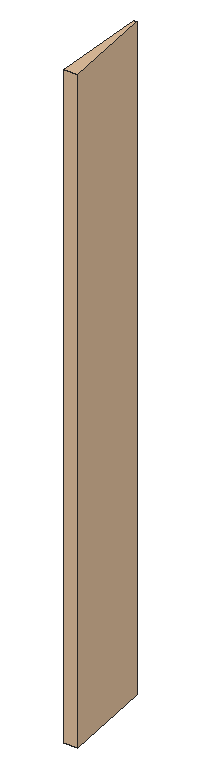
Revit family "Fence - FeatherEdge Board", category 난간동자, Revit 2026
Family settings
  항상 수직 = 예
  로드될 때 보이드를 사용하여 절단 = 아니오
  공유 = 아니오
Parameters (values of type "150mm Wide")
  built-in parameter 1008623 [instance] = (empty or 0)
  built-in parameter 1008625 [instance] = (empty or 0)
  Width = 150 mm
  Material = Wood - Cherry
  Post = yes
  Manufacturer = ""
  Description = ""
  built-in parameter 1008624 [instance] = (empty or 0)
  built-in parameter 1008622 [instance] = 950 mm
  Assembly Code = ""
Reference planes
  plane 1 "Center (Front/Back)": y = 0
  plane 2: z = 0
  plane 3 "Center (Left/Right)": x = 0
  plane 4 "Top of Post": z = 950
  plane 5: y = -75
  plane 6: y = 75
Forms (mm)
  Extrusion 1, solid, material "Wood - Cherry" <- "Material"
    sketch origin (0, 0, 0) x (1, 0, 0) y (0, 1, 0)
      loop
        line (-11.567, 75) -> (-17.679, 75) -> (-8.04, -75) -> (14.882, -75) -> (-11.567, 75)
    from 0 to 950
Dimensions and locks
  "Width": plane 5 to plane 6
  equal spacing: plane 5, plane 1 "Center (Front/Back)", plane 6
  "built-in parameter 1008622": plane 4 "Top of Post" to level
  aligned and locked: Extrusion 1 to plane 4 "Top of Post"
Automatic sketch dimensions
  Extrusion 1 sketch curve to plane 5 = 0 mm
  Extrusion 1 sketch curve to plane 6 = 0 mm
  Extrusion 1 sketch curve to plane 3 "Center (Left/Right)" = 17.679 mm
  Extrusion 1 sketch curve to Extrusion 1 sketch curve = 6.112 mm
  Extrusion 1 sketch curve to plane 3 "Center (Left/Right)" = 8.04 mm
  plane 3 "Center (Left/Right)" to Extrusion 1 sketch curve = 14.882 mm
